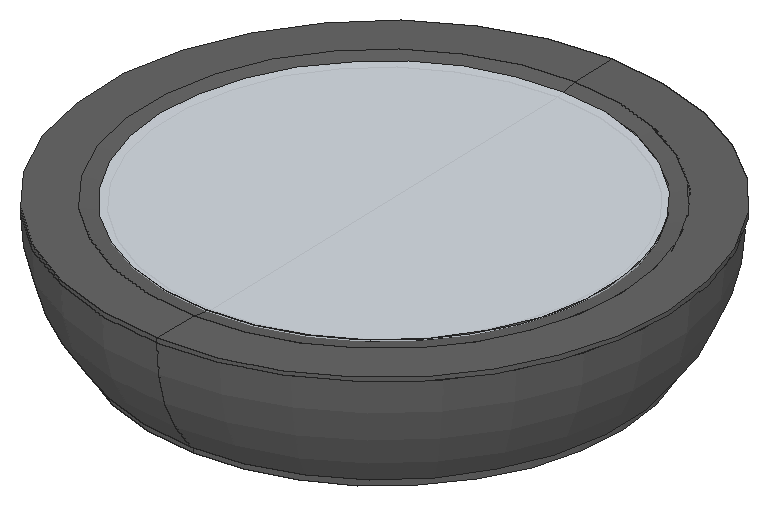
Revit family "SRT2-Surface", category Lighting Fixtures, host Face, Revit 2021
Family settings
  Host = Face
  Round Connector Dimension = Use Diameter
  Part Type = Normal
  OmniClass Number = 23.80.70.11.14.11
  OmniClass Title = Downlights
  Cut with Voids When Loaded = No
  Light Source = Yes
  Shared = No
  Room Calculation Point = No
Parameters (values of type "SRT2")
  Wattage Comments = "30-140W"
  Wattage = 55 W
  Warranty = "• 5 year warranty\r\n• See HLI Standard Warranty for\r\nadditional information"  # constant formula
  built-in parameter 1150110 = 1 (stored number, unit not read)
  Voltage = 120 V
  built-in parameter 1114217 = 1 (stored number, unit not read)
  Tilt Angle = -90.00°  # constant formula
  built-in parameter 1150109 = 1 (stored number, unit not read)
  built-in parameter 1150134 = 3
  built-in parameter 1150113 = 1 (stored number, unit not read)
  Photometric Web File = "generic.ies"
  Features = "•\tSize measuring 18.5 inch x 4.0 inch\r\n•\tVisual comfort Edge-Lit design\r\n•\t4,000-16,000 lumens\r\n•\tOption uplight module provides 800 lumens of indirect illumination\r\n•\tSurface, pendant and trunnion mounting options\r\n•\tControl options including occupancy sensing, NX Distributed Intelligence™, wiSCAPE®\r\n•\tBattery backup and UL 924 control options\r\n•\tOptional bird shield and vandal deterring wire guard\r\n"  # constant formula
  Cord Height = 17.500"  # constant formula
  built-in parameter 1150105 = 433.3 (stored number, unit not read)
  Lumens = 5445 lm
  built-in parameter 1150115 = 1 (stored number, unit not read)
  built-in parameter 1150137 = (empty or 0)
  built-in parameter 1150139 = (empty or 0)
  built-in parameter 1150112 = 1 (stored number, unit not read)
  built-in parameter 1150114 = 1 (stored number, unit not read)
  built-in parameter 1150132 = (empty or 0)
  built-in parameter 1150102 = (empty or 0)
  built-in parameter 1150107 = 3200 (stored number, unit not read)
  built-in parameter 1150138 = (empty or 0)
  built-in parameter 1150106 = 4.333 (stored number, unit not read)
  Emit from Circle Diameter = 4.000"  # constant formula
  Emit Shape Visible in Rendering = no
  built-in parameter 1150104 = 9.1974 (stored number, unit not read)
  Dimming Lamp Color Temperature Shift = <None>
  Copyright = "©  Beacon Products"  # constant formula
  Contact us = ""
  Color Filter = 16777215
  Certifications = "• Listed to UL1598 for use in wet location,\r\nlisted for -40o\r\nC to 40o\r\nC applications\r\n• IDA approved with zero uplight for 3000K\r\nand warmer CCTs\r\n• IP65"  # constant formula
  built-in parameter 1114218 = 1 (stored number, unit not read)
  Ballast = Paint - Carbon Black
  URL = "https://www.currentlighting.com/beacon"
  Product Page URL = ""
  Product Documentation Link = ""
  Model = "SRT2"  # constant formula
  Manufacturer = "Beacon Products"  # constant formula
  Lamp = "LED Lamp"
  Reflector = Glass
  Description = "Large Edge-Lit luminaire, the ideal solution for parking garage and canopy applications. Provides exceptional visual comfort and photometric performance in sleek low profile housing. Available in a wide range of lumen outputs and photometric distributions paired with a specially designed lens for optimal visual comfort and performance. Control options available for site customization and additional energy savings."  # constant formula
  Default Elevation = 48.000"
  built-in parameter 1150133 = 10 (stored number, unit not read)
  Apparent Load = 140 VA  # constant formula
Reference planes (in)
  plane 1 "Center (Front/Back)": y = 0
  plane 2: z = 0
  plane 3 "Center (Left/Right)": x = 0
  plane 4: z = 17.25
  plane 5: x = -1
  plane 6: y = 1
  plane 7: x = 1
  plane 8: y = -1
Dimensions and locks (in)
  plane 5 to plane 3 "Center (Left/Right)" to plane 7 = 1.000" locked, 1.000" locked
  plane 6 to plane 1 "Center (Front/Back)" to plane 8 = 1.000" locked, 1.000" locked
  aligned and locked: plane 2 to host face
  aligned and locked: plane 3 "Center (Left/Right)" to imposter light
Nested families (in)
  nested 1: "LTC" at (0, 0, 0) x (0, 1, 0) z (0, 0, 1), Ballast <- "Ballast", Reflector <- "Reflector", type "6"
    with Reflector Glass, Ballast Paint - Carbon Black
Connectors (in)
  electrical at (0, 0, 0), driven by "Description", driven by "Voltage", driven by "Apparent Load"
    settings: index 1, voltage 120 V, apparent load 140 VA, apparent load phase1 0 VA, apparent load phase2 0 VA, apparent load phase3 0 VA, power factor 1, load classification "Other", number of poles 1, system type 30, power factor state 1, is connector primary yes, connector utility no, sub classification motor no, connector description "Large Edge-Lit luminaire, the ideal solution for parking garage and canopy applications. Provides exceptional visual comfort and photometric performance in sleek low profile housing. Available in a wide range of lumen outputs and photometric distributions paired with a specially designed lens for optimal visual comfort and performance. Control options available for site customization and additional energy savings."
Definition of nested family "LTC"
  Parameters
    Width = 18.500"
    Wattage Comments = ""
    Lamp = ""
    Ballast [instance] = none
    URL = ""
    Product Page URL = ""
    Product Documentation Link = ""
    Model = ""
    Manufacturer Phone = ""
    Manufacturer Fax = ""
    Manufacturer = "Prescolite"
    Reflector [instance] = none
    Description = ""
    Default Elevation = 48.000"
  Reference planes (in)
    plane 1 "Center (Front/Back)": y = 0
    plane 2: z = 0
    plane 3 "Center (Left/Right)": x = 0
    plane 4: y = 7.75
    plane 5: y = -7.75
    plane 6: x = -9.25
    plane 7: x = 9.25
    plane 8: z = 4
    plane 9: z = 0.125
    plane 10: x = 9.125
    plane 11: z = 3.875
  Forms (in)
    Extrusion 1, solid
      sketch origin (0, 0, 0) x (1, 0, 0) y (0, 1, 0)
        loop
          line (-48, 48) -> (-48, -48) -> (48, -48) -> (48, 48) -> (-48, 48)
      from 0 to -6
    Extrusion 2, solid, material <- "Reflector"
      sketch origin (0, 0, 30.25) x (1, 0, 0) y (0, 1, 0)
        loop
          circle (0, 0) r 7.25
      from -26.375 to -26.30586
    Revolve 3, solid, material <- "Ballast"
      sketch origin (0, 0, -1.25) x (1, 0, 0) y (0, 0, 1)
        loop
          line (0, 1.25) -> (7.75, 1.25) -> (7.75, 1.5) -> (7.87332, 1.5)
          arc (7.87332, 1.5) -> (8.89424, 3.18619) -> (9.25, 5.125) r 5.46092
          line (9.25, 5.125) -> (9.25, 5.25) -> (7.75579, 5.25) -> (7.04688, 5.125) -> (0, 5.125) -> (0, 1.25)
        axis (0, 5.25) -> (0, 1.25)
      angle from 0 to 360
  Dimensions and locks (in)
    locked: plane 4 to plane 1 "Center (Front/Back)" at 7.75
    locked: plane 5 to plane 1 "Center (Front/Back)" at 7.75
    "Width": plane 7 to plane 6
    plane 8 to Extrusion 1 = 4.000"
    locked: plane 8 to plane 11 at 0.125
    locked: plane 7 to plane 10 at 0.125
    equal spacing: plane 7, plane 3 "Center (Left/Right)", plane 6
    locked: plane 9 to Extrusion 1 at 0.125
    aligned and locked: plane 2 to Extrusion 1
  Automatic sketch dimensions
    Extrusion 1 sketch curve to Extrusion 1 sketch curve = 96.000"  (x2)
    plane 1 "Center (Front/Back)" to Extrusion 2 sketch curve = 0.000"
    Extrusion 2 sketch curve to plane 3 "Center (Left/Right)" = 0.000"
    Revolve 3 sketch curve to plane 3 "Center (Left/Right)" = 0.000"  (x2)
    Revolve 3 sketch curve to level = 0.000"
    Revolve 3 sketch curve to plane 11 = 0.000"  (x2)
    Revolve 3 sketch curve to plane 8 = 0.000"
    Revolve 3 sketch curve to plane 7 = 0.000"
    Revolve 3 sketch curve to plane 10 = 2.07813"
    plane 9 to Revolve 3 sketch curve = 0.125"
    Revolve 3 sketch curve to plane 10 = 1.375"
    Revolve 3 sketch curve to Revolve 3 sketch curve = 0.70891"
    Revolve 3 sketch curve to Revolve 3 sketch curve = 0.12332"
    Revolve 3 sketch curve to Revolve 3 sketch curve = 10.000"
    Revolve 3 sketch curve to Revolve 3 sketch curve = 8.000"
    radius of Extrusion 2 sketch curve = 7.250"
